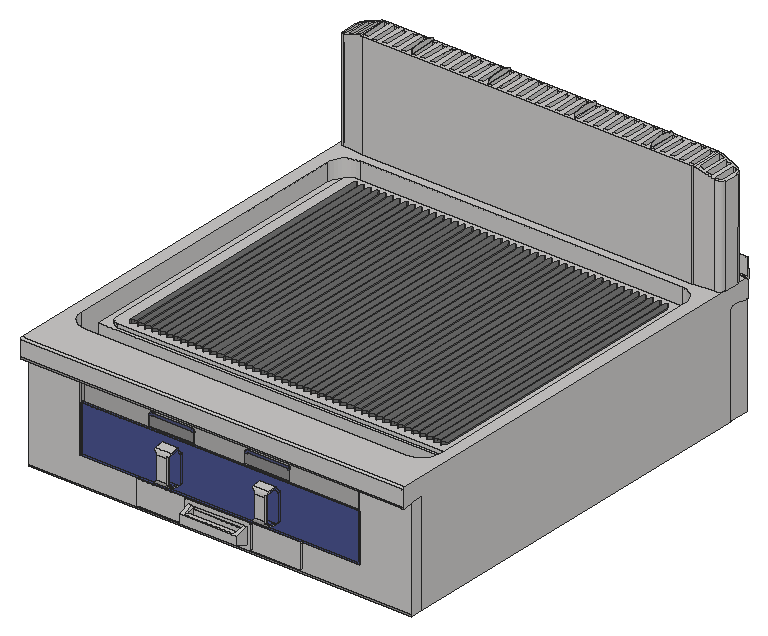
Revit family "QF_ELECTROLUXPROFESSIONAL_589103_MCHNABHOPO", category Specialty Equipment, Revit 2018 (continued)
Definition of nested family "GG_900_Backsplash for 800 fryer"
  Automatic sketch dimensions
    level to Extrusion 39 sketch curve = 1058.216 mm
    Extrusion 39 sketch curve to Extrusion 39 sketch curve = 49.354 mm
    Extrusion 39 sketch curve to Extrusion 39 sketch curve = 3.029 mm  (x2)
    Extrusion 39 sketch curve to Extrusion 39 sketch curve = 0.001 mm  (x4)
    Extrusion 39 sketch curve to Extrusion 39 sketch curve = 2.392 mm
    Extrusion 40 sketch curve to Extrusion 40 sketch curve = 0 mm  (x3)
    plane 4 to Extrusion 40 sketch curve = 152.48 mm
    Extrusion 40 sketch curve to Extrusion 40 sketch curve = 1 mm  (x2)
    Extrusion 40 sketch curve to Extrusion 40 sketch curve = 0.732 mm
    level to Extrusion 40 sketch curve = 1106.571 mm
    plane 6 to Extrusion 41 sketch curve = 26.484 mm
    Extrusion 41 sketch curve to Extrusion 41 sketch curve = 3.168 mm
    Extrusion 41 sketch curve to Extrusion 41 sketch curve = 0.003 mm
    Extrusion 41 sketch curve to Extrusion 41 sketch curve = 0.832 mm
    Extrusion 41 sketch curve to Extrusion 41 sketch curve = 11.257 mm
    Extrusion 41 sketch curve to Extrusion 41 sketch curve = 0 mm  (x2)
    Extrusion 41 sketch curve to plane 6 = 0.419 mm
    Extrusion 41 sketch curve to plane 6 = 12.894 mm
    Extrusion 41 sketch curve to Extrusion 41 sketch curve = 10.482 mm
    Extrusion 41 sketch curve to Extrusion 41 sketch curve = 0.775 mm
    Extrusion 41 sketch curve to Extrusion 41 sketch curve = 0.056 mm
    Extrusion 41 sketch curve to Extrusion 41 sketch curve = 4 mm
    level to Extrusion 41 sketch curve = 1058.216 mm
    Extrusion 41 sketch curve to Extrusion 41 sketch curve = 49.354 mm
    Extrusion 41 sketch curve to Extrusion 41 sketch curve = 3.029 mm  (x2)
    Extrusion 41 sketch curve to Extrusion 41 sketch curve = 0.001 mm  (x4)
    Extrusion 41 sketch curve to Extrusion 41 sketch curve = 2.392 mm
    Extrusion 42 sketch curve to Extrusion 42 sketch curve = 0 mm  (x3)
    Extrusion 42 sketch curve to plane 3 "Center (Left/Right)" = 87.373 mm
    Extrusion 42 sketch curve to Extrusion 42 sketch curve = 1 mm  (x2)
    Extrusion 42 sketch curve to Extrusion 42 sketch curve = 0.732 mm
    level to Extrusion 42 sketch curve = 1106.571 mm
    plane 6 to Extrusion 43 sketch curve = 26.484 mm
    Extrusion 43 sketch curve to Extrusion 43 sketch curve = 3.168 mm
    Extrusion 43 sketch curve to Extrusion 43 sketch curve = 0.003 mm
    Extrusion 43 sketch curve to Extrusion 43 sketch curve = 0.832 mm
    Extrusion 43 sketch curve to Extrusion 43 sketch curve = 11.257 mm
    Extrusion 43 sketch curve to Extrusion 43 sketch curve = 0 mm  (x2)
    Extrusion 43 sketch curve to plane 6 = 0.419 mm
    Extrusion 43 sketch curve to plane 6 = 12.894 mm
    Extrusion 43 sketch curve to Extrusion 43 sketch curve = 10.482 mm
    Extrusion 43 sketch curve to Extrusion 43 sketch curve = 0.775 mm
    Extrusion 43 sketch curve to Extrusion 43 sketch curve = 0.056 mm
    Extrusion 43 sketch curve to Extrusion 43 sketch curve = 4 mm
    level to Extrusion 43 sketch curve = 1058.216 mm
    Extrusion 43 sketch curve to Extrusion 43 sketch curve = 49.354 mm
    Extrusion 43 sketch curve to Extrusion 43 sketch curve = 3.029 mm  (x2)
    Extrusion 43 sketch curve to Extrusion 43 sketch curve = 0.001 mm  (x4)
    Extrusion 43 sketch curve to Extrusion 43 sketch curve = 2.392 mm
    Extrusion 44 sketch curve to Extrusion 44 sketch curve = 0 mm  (x3)
    Extrusion 44 sketch curve to plane 5 = 145 mm
    Extrusion 44 sketch curve to Extrusion 44 sketch curve = 1 mm  (x2)
    Extrusion 44 sketch curve to Extrusion 44 sketch curve = 0.732 mm
    level to Extrusion 44 sketch curve = 1107.571 mm
    plane 6 to Extrusion 45 sketch curve = 26.484 mm
    Extrusion 45 sketch curve to Extrusion 45 sketch curve = 3.168 mm
    Extrusion 45 sketch curve to Extrusion 45 sketch curve = 0.003 mm
    Extrusion 45 sketch curve to Extrusion 45 sketch curve = 0.832 mm
    Extrusion 45 sketch curve to Extrusion 45 sketch curve = 11.257 mm
    Extrusion 45 sketch curve to Extrusion 45 sketch curve = 0 mm  (x2)
    Extrusion 45 sketch curve to plane 6 = 0.419 mm
    Extrusion 45 sketch curve to plane 6 = 12.894 mm
    Extrusion 45 sketch curve to Extrusion 45 sketch curve = 10.482 mm
    Extrusion 45 sketch curve to Extrusion 45 sketch curve = 0.775 mm
    Extrusion 45 sketch curve to Extrusion 45 sketch curve = 0.056 mm
    Extrusion 45 sketch curve to Extrusion 45 sketch curve = 4 mm
    level to Extrusion 45 sketch curve = 1058.216 mm
    Extrusion 45 sketch curve to Extrusion 45 sketch curve = 49.354 mm
    Extrusion 45 sketch curve to Extrusion 45 sketch curve = 3.029 mm  (x2)
    Extrusion 45 sketch curve to Extrusion 45 sketch curve = 0.001 mm  (x4)
    Extrusion 45 sketch curve to Extrusion 45 sketch curve = 2.392 mm
    Extrusion 46 sketch curve to Extrusion 46 sketch curve = 0 mm  (x3)
    plane 3 "Center (Left/Right)" to Extrusion 46 sketch curve = 94.792 mm
    Extrusion 46 sketch curve to Extrusion 46 sketch curve = 1 mm  (x2)
    Extrusion 46 sketch curve to Extrusion 46 sketch curve = 0.732 mm
    level to Extrusion 46 sketch curve = 1107.571 mm
    curve 15 to plane 5 = 0 mm
    plane 6 to curve 6 = 32.954 mm
    curve 17 to plane 4 = 0 mm
    plane 4 to curve 16 = 0.886 mm
    plane 4 to curve 2 = 11.608 mm
    plane 4 to curve 7 = 11.608 mm
    curve 5 to curve 6 = 58.231 mm
    plane 1 "Center (Front/Back)" to curve 1 = 5.039 mm
    curve 3 to curve 1 = 58.231 mm
    curve 8 to plane 5 = 70.951 mm
    curve 1 to curve 6 = 0 mm
    curve 12 to plane 5 = 12.72 mm
    curve 8 to plane 5 = 12.72 mm
    curve 15 to plane 5 = 1.998 mm
    curve 14 to curve 9 = 1.998 mm
    plane 4 to curve 17 = 0.886 mm
    curve 3 to curve 3 = 11.746 mm
    curve 5 to curve 5 = 11.746 mm
    curve 11 to curve 11 = 11.746 mm
    curve 10 to curve 10 = 11.746 mm
    plane 6 to curve 7 = 27.86 mm
    plane 6 to curve 8 = 27.86 mm
    plane 6 to curve 15 = 15.407 mm
    curve 14 to plane 6 = 15.407 mm
    curve 4 to plane 6 = 15.407 mm
    plane 1 "Center (Front/Back)" to curve 2 = 10.134 mm
    plane 1 "Center (Front/Back)" to curve 12 = 10.134 mm
    plane 6 to curve 17 = 15.407 mm
Definition of nested family "GG_900_800 mm Full Grate"
  Parameters
    Length = 662 mm
    Array = Length / 15 mm  # 44
  Reference planes
    plane 1 "Center (Front/Back)": y = 0
    plane 2: z = 0
    plane 3 "Center (Left/Right)": x = 0
    plane 4: x = -355
    plane 5: x = 355
    plane 6: z = 900
    plane 7: z = 888
    plane 8: x = -331
    plane 9: x = 331
  Forms (mm)
    Extrusion 1, solid
      sketch origin (453.786, 467.26, 0) x (1, 0, 0) y (0, 1, 0)
        loop
          line (-808.786, -175.198) -> (-808.786, -760.472)
          arc (-808.786, -760.472) -> (-803.807, -772.493) -> (-791.786, -777.472) r 17
          line (-791.786, -777.472) -> (-116.936, -777.472)
          arc (-116.936, -777.472) -> (-104.102, -772.156) -> (-98.786, -759.322) r 18.15
          line (-98.786, -759.322) -> (-98.786, -175.198)
          arc (-98.786, -175.198) -> (-104.102, -162.364) -> (-116.936, -157.048) r 18.15
          line (-116.936, -157.048) -> (-790.636, -157.048)
          arc (-790.636, -157.048) -> (-803.47, -162.364) -> (-808.786, -175.198) r 18.15
      from 888 to 894.474
  Lines and regions (mm)
    symbolic lines
      curve 1: line (-331, 286.484, 0) -> (-324.5, 295.767, 0)
      curve 2: line (-324.5, 295.767, 0) -> (-318, 286.484, 0)
      curve 3: line (-318, -286.484, 0) -> (-318, 286.484, 0)
      curve 4: line (-331, 286.484, 0) -> (-331, -286.484, 0)
      curve 5: line (-324.5, -295.767, 0) -> (-331, -286.484, 0)
      curve 6: line (-318, -286.484, 0) -> (-324.5, -295.767, 0)
      curve 7: line (318, 286.484, 0) -> (324.5, 295.767, 0)
      curve 8: line (324.5, 295.767, 0) -> (331, 286.484, 0)
      curve 9: line (331, -286.484, 0) -> (331, 286.484, 0)
      curve 10: line (318, 286.484, 0) -> (318, -286.484, 0)
      curve 11: line (324.5, -295.767, 0) -> (318, -286.484, 0)
      curve 12: line (331, -286.484, 0) -> (324.5, -295.767, 0)
      curve 13: line (-315.907, 286.484, 0) -> (-309.407, 295.767, 0)
      curve 14: line (-309.407, 295.767, 0) -> (-302.907, 286.484, 0)
      curve 15: line (-302.907, -286.484, 0) -> (-302.907, 286.484, 0)
      curve 16: line (-315.907, 286.484, 0) -> (-315.907, -286.484, 0)
      curve 17: line (-309.407, -295.767, 0) -> (-315.907, -286.484, 0)
      curve 18: line (-302.907, -286.484, 0) -> (-309.407, -295.767, 0)
      curve 19: line (-300.814, 286.484, 0) -> (-294.314, 295.767, 0)
      curve 20: line (-294.314, 295.767, 0) -> (-287.814, 286.484, 0)
      curve 21: line (-287.814, -286.484, 0) -> (-287.814, 286.484, 0)
      curve 22: line (-300.814, 286.484, 0) -> (-300.814, -286.484, 0)
      curve 23: line (-294.314, -295.767, 0) -> (-300.814, -286.484, 0)
      curve 24: line (-287.814, -286.484, 0) -> (-294.314, -295.767, 0)
      curve 25: line (-285.721, 286.484, 0) -> (-279.221, 295.767, 0)
      curve 26: line (-279.221, 295.767, 0) -> (-272.721, 286.484, 0)
      curve 27: line (-272.721, -286.484, 0) -> (-272.721, 286.484, 0)
      curve 28: line (-285.721, 286.484, 0) -> (-285.721, -286.484, 0)
      curve 29: line (-279.221, -295.767, 0) -> (-285.721, -286.484, 0)
      curve 30: line (-272.721, -286.484, 0) -> (-279.221, -295.767, 0)
      curve 31: line (-270.628, 286.484, 0) -> (-264.128, 295.767, 0)
      curve 32: line (-264.128, 295.767, 0) -> (-257.628, 286.484, 0)
      curve 33: line (-257.628, -286.484, 0) -> (-257.628, 286.484, 0)
      curve 34: line (-270.628, 286.484, 0) -> (-270.628, -286.484, 0)
      curve 35: line (-264.128, -295.767, 0) -> (-270.628, -286.484, 0)
      curve 36: line (-257.628, -286.484, 0) -> (-264.128, -295.767, 0)
      curve 37: line (-255.535, 286.484, 0) -> (-249.035, 295.767, 0)
      curve 38: line (-249.035, 295.767, 0) -> (-242.535, 286.484, 0)
      curve 39: line (-242.535, -286.484, 0) -> (-242.535, 286.484, 0)
      curve 40: line (-255.535, 286.484, 0) -> (-255.535, -286.484, 0)
      curve 41: line (-249.035, -295.767, 0) -> (-255.535, -286.484, 0)
      curve 42: line (-242.535, -286.484, 0) -> (-249.035, -295.767, 0)
      curve 43: line (-240.442, 286.484, 0) -> (-233.942, 295.767, 0)
      curve 44: line (-233.942, 295.767, 0) -> (-227.442, 286.484, 0)
      curve 45: line (-227.442, -286.484, 0) -> (-227.442, 286.484, 0)
      curve 46: line (-240.442, 286.484, 0) -> (-240.442, -286.484, 0)
      curve 47: line (-233.942, -295.767, 0) -> (-240.442, -286.484, 0)
      curve 48: line (-227.442, -286.484, 0) -> (-233.942, -295.767, 0)
      curve 49: line (-225.349, 286.484, 0) -> (-218.849, 295.767, 0)
      curve 50: line (-218.849, 295.767, 0) -> (-212.349, 286.484, 0)
      curve 51: line (-212.349, -286.484, 0) -> (-212.349, 286.484, 0)
      curve 52: line (-225.349, 286.484, 0) -> (-225.349, -286.484, 0)
      curve 53: line (-218.849, -295.767, 0) -> (-225.349, -286.484, 0)
      curve 54: line (-212.349, -286.484, 0) -> (-218.849, -295.767, 0)
      curve 55: line (-210.256, 286.484, 0) -> (-203.756, 295.767, 0)
      curve 56: line (-203.756, 295.767, 0) -> (-197.256, 286.484, 0)
      curve 57: line (-197.256, -286.484, 0) -> (-197.256, 286.484, 0)
      curve 58: line (-210.256, 286.484, 0) -> (-210.256, -286.484, 0)
      curve 59: line (-203.756, -295.767, 0) -> (-210.256, -286.484, 0)
      curve 60: line (-197.256, -286.484, 0) -> (-203.756, -295.767, 0)
      curve 61: line (-195.163, 286.484, 0) -> (-188.663, 295.767, 0)
      curve 62: line (-188.663, 295.767, 0) -> (-182.163, 286.484, 0)
      curve 63: line (-182.163, -286.484, 0) -> (-182.163, 286.484, 0)
      curve 64: line (-195.163, 286.484, 0) -> (-195.163, -286.484, 0)
      curve 65: line (-188.663, -295.767, 0) -> (-195.163, -286.484, 0)
      curve 66: line (-182.163, -286.484, 0) -> (-188.663, -295.767, 0)
      curve 67: line (-180.07, 286.484, 0) -> (-173.57, 295.767, 0)
      curve 68: line (-173.57, 295.767, 0) -> (-167.07, 286.484, 0)
      curve 69: line (-167.07, -286.484, 0) -> (-167.07, 286.484, 0)
      curve 70: line (-180.07, 286.484, 0) -> (-180.07, -286.484, 0)
      curve 71: line (-173.57, -295.767, 0) -> (-180.07, -286.484, 0)
      curve 72: line (-167.07, -286.484, 0) -> (-173.57, -295.767, 0)
      curve 73: line (-164.977, 286.484, 0) -> (-158.477, 295.767, 0)
      curve 74: line (-158.477, 295.767, 0) -> (-151.977, 286.484, 0)
      curve 75: line (-151.977, -286.484, 0) -> (-151.977, 286.484, 0)
      curve 76: line (-164.977, 286.484, 0) -> (-164.977, -286.484, 0)
      curve 77: line (-158.477, -295.767, 0) -> (-164.977, -286.484, 0)
      curve 78: line (-151.977, -286.484, 0) -> (-158.477, -295.767, 0)
      curve 79: line (-149.884, 286.484, 0) -> (-143.384, 295.767, 0)
      curve 80: line (-143.384, 295.767, 0) -> (-136.884, 286.484, 0)
      curve 81: line (-136.884, -286.484, 0) -> (-136.884, 286.484, 0)
      curve 82: line (-149.884, 286.484, 0) -> (-149.884, -286.484, 0)
      curve 83: line (-143.384, -295.767, 0) -> (-149.884, -286.484, 0)
      curve 84: line (-136.884, -286.484, 0) -> (-143.384, -295.767, 0)
      curve 85: line (-134.791, 286.484, 0) -> (-128.291, 295.767, 0)
      curve 86: line (-128.291, 295.767, 0) -> (-121.791, 286.484, 0)
      curve 87: line (-121.791, -286.484, 0) -> (-121.791, 286.484, 0)
      curve 88: line (-134.791, 286.484, 0) -> (-134.791, -286.484, 0)
      curve 89: line (-128.291, -295.767, 0) -> (-134.791, -286.484, 0)
      curve 90: line (-121.791, -286.484, 0) -> (-128.291, -295.767, 0)
      curve 91: line (-119.698, 286.484, 0) -> (-113.198, 295.767, 0)
      curve 92: line (-113.198, 295.767, 0) -> (-106.698, 286.484, 0)
      curve 93: line (-106.698, -286.484, 0) -> (-106.698, 286.484, 0)
      curve 94: line (-119.698, 286.484, 0) -> (-119.698, -286.484, 0)
      curve 95: line (-113.198, -295.767, 0) -> (-119.698, -286.484, 0)
      curve 96: line (-106.698, -286.484, 0) -> (-113.198, -295.767, 0)
      curve 97: line (-104.605, 286.484, 0) -> (-98.105, 295.767, 0)
      curve 98: line (-98.105, 295.767, 0) -> (-91.605, 286.484, 0)
      curve 99: line (-91.605, -286.484, 0) -> (-91.605, 286.484, 0)
      curve 100: line (-104.605, 286.484, 0) -> (-104.605, -286.484, 0)
      curve 101: line (-98.105, -295.767, 0) -> (-104.605, -286.484, 0)
      curve 102: line (-91.605, -286.484, 0) -> (-98.105, -295.767, 0)
      curve 103: line (-89.512, 286.484, 0) -> (-83.012, 295.767, 0)
      curve 104: line (-83.012, 295.767, 0) -> (-76.512, 286.484, 0)
      curve 105: line (-76.512, -286.484, 0) -> (-76.512, 286.484, 0)
      curve 106: line (-89.512, 286.484, 0) -> (-89.512, -286.484, 0)
      curve 107: line (-83.012, -295.767, 0) -> (-89.512, -286.484, 0)
      curve 108: line (-76.512, -286.484, 0) -> (-83.012, -295.767, 0)
      curve 109: line (-74.419, 286.484, 0) -> (-67.919, 295.767, 0)
      curve 110: line (-67.919, 295.767, 0) -> (-61.419, 286.484, 0)
      curve 111: line (-61.419, -286.484, 0) -> (-61.419, 286.484, 0)
      curve 112: line (-74.419, 286.484, 0) -> (-74.419, -286.484, 0)
      curve 113: line (-67.919, -295.767, 0) -> (-74.419, -286.484, 0)
      curve 114: line (-61.419, -286.484, 0) -> (-67.919, -295.767, 0)
      curve 115: line (-59.326, 286.484, 0) -> (-52.826, 295.767, 0)
      curve 116: line (-52.826, 295.767, 0) -> (-46.326, 286.484, 0)
      curve 117: line (-46.326, -286.484, 0) -> (-46.326, 286.484, 0)
      curve 118: line (-59.326, 286.484, 0) -> (-59.326, -286.484, 0)
      curve 119: line (-52.826, -295.767, 0) -> (-59.326, -286.484, 0)
      curve 120: line (-46.326, -286.484, 0) -> (-52.826, -295.767, 0)
      curve 121: line (-44.233, 286.484, 0) -> (-37.733, 295.767, 0)
      curve 122: line (-37.733, 295.767, 0) -> (-31.233, 286.484, 0)
      curve 123: line (-31.233, -286.484, 0) -> (-31.233, 286.484, 0)
      curve 124: line (-44.233, 286.484, 0) -> (-44.233, -286.484, 0)
      curve 125: line (-37.733, -295.767, 0) -> (-44.233, -286.484, 0)
      curve 126: line (-31.233, -286.484, 0) -> (-37.733, -295.767, 0)
      curve 127: line (-29.14, 286.484, 0) -> (-22.64, 295.767, 0)
      curve 128: line (-22.64, 295.767, 0) -> (-16.14, 286.484, 0)
      curve 129: line (-16.14, -286.484, 0) -> (-16.14, 286.484, 0)
      curve 130: line (-29.14, 286.484, 0) -> (-29.14, -286.484, 0)
      curve 131: line (-22.64, -295.767, 0) -> (-29.14, -286.484, 0)
      curve 132: line (-16.14, -286.484, 0) -> (-22.64, -295.767, 0)
      curve 133: line (-14.047, 286.484, 0) -> (-7.547, 295.767, 0)
      curve 134: line (-7.547, 295.767, 0) -> (-1.047, 286.484, 0)
      curve 135: line (-1.047, -286.484, 0) -> (-1.047, 286.484, 0)
      curve 136: line (-14.047, 286.484, 0) -> (-14.047, -286.484, 0)
      curve 137: line (-7.547, -295.767, 0) -> (-14.047, -286.484, 0)
      curve 138: line (-1.047, -286.484, 0) -> (-7.547, -295.767, 0)
      curve 139: line (1.047, 286.484, 0) -> (7.547, 295.767, 0)
      curve 140: line (7.547, 295.767, 0) -> (14.047, 286.484, 0)
      curve 141: line (14.047, -286.484, 0) -> (14.047, 286.484, 0)
      curve 142: line (1.047, 286.484, 0) -> (1.047, -286.484, 0)
      curve 143: line (7.547, -295.767, 0) -> (1.047, -286.484, 0)
      curve 144: line (14.047, -286.484, 0) -> (7.547, -295.767, 0)
      curve 145: line (16.14, 286.484, 0) -> (22.64, 295.767, 0)
      curve 146: line (22.64, 295.767, 0) -> (29.14, 286.484, 0)
      curve 147: line (29.14, -286.484, 0) -> (29.14, 286.484, 0)
      curve 148: line (16.14, 286.484, 0) -> (16.14, -286.484, 0)
      curve 149: line (22.64, -295.767, 0) -> (16.14, -286.484, 0)
      curve 150: line (29.14, -286.484, 0) -> (22.64, -295.767, 0)
      curve 151: line (31.233, 286.484, 0) -> (37.733, 295.767, 0)
      curve 152: line (37.733, 295.767, 0) -> (44.233, 286.484, 0)
      curve 153: line (44.233, -286.484, 0) -> (44.233, 286.484, 0)
      curve 154: line (31.233, 286.484, 0) -> (31.233, -286.484, 0)
      curve 155: line (37.733, -295.767, 0) -> (31.233, -286.484, 0)
      curve 156: line (44.233, -286.484, 0) -> (37.733, -295.767, 0)
      curve 157: line (46.326, 286.484, 0) -> (52.826, 295.767, 0)
      curve 158: line (52.826, 295.767, 0) -> (59.326, 286.484, 0)
      curve 159: line (59.326, -286.484, 0) -> (59.326, 286.484, 0)
      curve 160: line (46.326, 286.484, 0) -> (46.326, -286.484, 0)
      curve 161: line (52.826, -295.767, 0) -> (46.326, -286.484, 0)
      curve 162: line (59.326, -286.484, 0) -> (52.826, -295.767, 0)
      curve 163: line (61.419, 286.484, 0) -> (67.919, 295.767, 0)
      curve 164: line (67.919, 295.767, 0) -> (74.419, 286.484, 0)
      curve 165: line (74.419, -286.484, 0) -> (74.419, 286.484, 0)
      curve 166: line (61.419, 286.484, 0) -> (61.419, -286.484, 0)
      curve 167: line (67.919, -295.767, 0) -> (61.419, -286.484, 0)
      curve 168: line (74.419, -286.484, 0) -> (67.919, -295.767, 0)
      curve 169: line (76.512, 286.484, 0) -> (83.012, 295.767, 0)
      curve 170: line (83.012, 295.767, 0) -> (89.512, 286.484, 0)
      curve 171: line (89.512, -286.484, 0) -> (89.512, 286.484, 0)
      curve 172: line (76.512, 286.484, 0) -> (76.512, -286.484, 0)
      curve 173: line (83.012, -295.767, 0) -> (76.512, -286.484, 0)
      curve 174: line (89.512, -286.484, 0) -> (83.012, -295.767, 0)
      curve 175: line (91.605, 286.484, 0) -> (98.105, 295.767, 0)
      curve 176: line (98.105, 295.767, 0) -> (104.605, 286.484, 0)
      curve 177: line (104.605, -286.484, 0) -> (104.605, 286.484, 0)
      curve 178: line (91.605, 286.484, 0) -> (91.605, -286.484, 0)
      curve 179: line (98.105, -295.767, 0) -> (91.605, -286.484, 0)
      curve 180: line (104.605, -286.484, 0) -> (98.105, -295.767, 0)
      curve 181: line (106.698, 286.484, 0) -> (113.198, 295.767, 0)
      curve 182: line (113.198, 295.767, 0) -> (119.698, 286.484, 0)
      curve 183: line (119.698, -286.484, 0) -> (119.698, 286.484, 0)
      curve 184: line (106.698, 286.484, 0) -> (106.698, -286.484, 0)
      curve 185: line (113.198, -295.767, 0) -> (106.698, -286.484, 0)
      curve 186: line (119.698, -286.484, 0) -> (113.198, -295.767, 0)
      curve 187: line (121.791, 286.484, 0) -> (128.291, 295.767, 0)
      curve 188: line (128.291, 295.767, 0) -> (134.791, 286.484, 0)
      curve 189: line (134.791, -286.484, 0) -> (134.791, 286.484, 0)
      curve 190: line (121.791, 286.484, 0) -> (121.791, -286.484, 0)
      curve 191: line (128.291, -295.767, 0) -> (121.791, -286.484, 0)
      curve 192: line (134.791, -286.484, 0) -> (128.291, -295.767, 0)
      curve 193: line (136.884, 286.484, 0) -> (143.384, 295.767, 0)
      curve 194: line (143.384, 295.767, 0) -> (149.884, 286.484, 0)
      curve 195: line (149.884, -286.484, 0) -> (149.884, 286.484, 0)
      curve 196: line (136.884, 286.484, 0) -> (136.884, -286.484, 0)
      curve 197: line (143.384, -295.767, 0) -> (136.884, -286.484, 0)
      curve 198: line (149.884, -286.484, 0) -> (143.384, -295.767, 0)
      curve 199: line (151.977, 286.484, 0) -> (158.477, 295.767, 0)
      curve 200: line (158.477, 295.767, 0) -> (164.977, 286.484, 0)
      curve 201: line (164.977, -286.484, 0) -> (164.977, 286.484, 0)
      curve 202: line (151.977, 286.484, 0) -> (151.977, -286.484, 0)
      curve 203: line (158.477, -295.767, 0) -> (151.977, -286.484, 0)
      curve 204: line (164.977, -286.484, 0) -> (158.477, -295.767, 0)
      curve 205: line (167.07, 286.484, 0) -> (173.57, 295.767, 0)
      curve 206: line (173.57, 295.767, 0) -> (180.07, 286.484, 0)
      curve 207: line (180.07, -286.484, 0) -> (180.07, 286.484, 0)
      curve 208: line (167.07, 286.484, 0) -> (167.07, -286.484, 0)
      curve 209: line (173.57, -295.767, 0) -> (167.07, -286.484, 0)
      curve 210: line (180.07, -286.484, 0) -> (173.57, -295.767, 0)
      curve 211: line (182.163, 286.484, 0) -> (188.663, 295.767, 0)
      curve 212: line (188.663, 295.767, 0) -> (195.163, 286.484, 0)
      curve 213: line (195.163, -286.484, 0) -> (195.163, 286.484, 0)
      curve 214: line (182.163, 286.484, 0) -> (182.163, -286.484, 0)
      curve 215: line (188.663, -295.767, 0) -> (182.163, -286.484, 0)
      curve 216: line (195.163, -286.484, 0) -> (188.663, -295.767, 0)
      curve 217: line (197.256, 286.484, 0) -> (203.756, 295.767, 0)
      curve 218: line (203.756, 295.767, 0) -> (210.256, 286.484, 0)
      curve 219: line (210.256, -286.484, 0) -> (210.256, 286.484, 0)
      curve 220: line (197.256, 286.484, 0) -> (197.256, -286.484, 0)
      curve 221: line (203.756, -295.767, 0) -> (197.256, -286.484, 0)
      curve 222: line (210.256, -286.484, 0) -> (203.756, -295.767, 0)
      curve 223: line (212.349, 286.484, 0) -> (218.849, 295.767, 0)
      curve 224: line (218.849, 295.767, 0) -> (225.349, 286.484, 0)
      curve 225: line (225.349, -286.484, 0) -> (225.349, 286.484, 0)
      curve 226: line (212.349, 286.484, 0) -> (212.349, -286.484, 0)
      curve 227: line (218.849, -295.767, 0) -> (212.349, -286.484, 0)
      curve 228: line (225.349, -286.484, 0) -> (218.849, -295.767, 0)
      curve 229: line (227.442, 286.484, 0) -> (233.942, 295.767, 0)
      curve 230: line (233.942, 295.767, 0) -> (240.442, 286.484, 0)
      curve 231: line (240.442, -286.484, 0) -> (240.442, 286.484, 0)
      curve 232: line (227.442, 286.484, 0) -> (227.442, -286.484, 0)
      curve 233: line (233.942, -295.767, 0) -> (227.442, -286.484, 0)
      curve 234: line (240.442, -286.484, 0) -> (233.942, -295.767, 0)
      curve 235: line (242.535, 286.484, 0) -> (249.035, 295.767, 0)
      curve 236: line (249.035, 295.767, 0) -> (255.535, 286.484, 0)
      curve 237: line (255.535, -286.484, 0) -> (255.535, 286.484, 0)
      curve 238: line (242.535, 286.484, 0) -> (242.535, -286.484, 0)
      curve 239: line (249.035, -295.767, 0) -> (242.535, -286.484, 0)
      curve 240: line (255.535, -286.484, 0) -> (249.035, -295.767, 0)
      curve 241: line (257.628, 286.484, 0) -> (264.128, 295.767, 0)
      curve 242: line (264.128, 295.767, 0) -> (270.628, 286.484, 0)
      curve 243: line (270.628, -286.484, 0) -> (270.628, 286.484, 0)
      curve 244: line (257.628, 286.484, 0) -> (257.628, -286.484, 0)
      curve 245: line (264.128, -295.767, 0) -> (257.628, -286.484, 0)
      curve 246: line (270.628, -286.484, 0) -> (264.128, -295.767, 0)
      curve 247: line (272.721, 286.484, 0) -> (279.221, 295.767, 0)
      curve 248: line (279.221, 295.767, 0) -> (285.721, 286.484, 0)
      curve 249: line (285.721, -286.484, 0) -> (285.721, 286.484, 0)
      curve 250: line (272.721, 286.484, 0) -> (272.721, -286.484, 0)
      curve 251: line (279.221, -295.767, 0) -> (272.721, -286.484, 0)
      curve 252: line (285.721, -286.484, 0) -> (279.221, -295.767, 0)
      curve 253: line (287.814, 286.484, 0) -> (294.314, 295.767, 0)
      curve 254: line (294.314, 295.767, 0) -> (300.814, 286.484, 0)
      curve 255: line (300.814, -286.484, 0) -> (300.814, 286.484, 0)
      curve 256: line (287.814, 286.484, 0) -> (287.814, -286.484, 0)
      curve 257: line (294.314, -295.767, 0) -> (287.814, -286.484, 0)
      curve 258: line (300.814, -286.484, 0) -> (294.314, -295.767, 0)
      curve 259: line (302.907, 286.484, 0) -> (309.407, 295.767, 0)
      curve 260: line (309.407, 295.767, 0) -> (315.907, 286.484, 0)
      curve 261: line (315.907, -286.484, 0) -> (315.907, 286.484, 0)
      curve 262: line (302.907, 286.484, 0) -> (302.907, -286.484, 0)
      curve 263: line (309.407, -295.767, 0) -> (302.907, -286.484, 0)
      curve 264: line (315.907, -286.484, 0) -> (309.407, -295.767, 0)
      curve 265: line (336.85, 310.212, 0) -> (-336.85, 310.212, 0)
      curve 266: arc (-336.85, 310.212, 0) -> (-349.684, 304.896, 0) -> (-355, 292.062, 0) r 18.15
      curve 267: line (-355, 292.062, 0) -> (-355, -293.212, 0)
      curve 268: arc (-355, -293.212, 0) -> (-350.021, -305.233, 0) -> (-338, -310.212, 0) r 17
      curve 269: line (-338, -310.212, 0) -> (336.85, -310.212, 0)
      curve 270: arc (336.85, -310.212, 0) -> (349.684, -304.896, 0) -> (355, -292.062, 0) r 18.15
      curve 271: line (355, -292.062, 0) -> (355, 292.062, 0)
      curve 272: arc (355, 292.062, 0) -> (349.684, 304.896, 0) -> (336.85, 310.212, 0) r 18.15
  Dimensions and locks
    plane 6 to level = 900 mm
    plane 6 to plane 7 = 12 mm
    locked: plane 9 to plane 5 at 24
    "Length": plane 8 to plane 9
    equal spacing: group 1, group 3, group 4, group 5, group 6, group 7, group 8, group 9, group 10, group 11, group 12, group 13, group 14, group 15, group 16, group 17, group 18, group 19, group 20, group 21, group 22, group 23, group 24, group 25, group 26, group 27, group 28, group 29, group 30, group 31, group 32, group 33, group 34, group 35, group 36, group 37, group 38, group 39, group 40, group 41, group 42, group 43, group 44, group 2  (x3)
    plane 4 to plane 5 = 710 mm
    plane 4 to plane 8 = 24 mm
    aligned and locked: plane 6 to nested 1
    aligned and locked: Extrusion 1 to nested 1
    aligned and locked: Extrusion 1 to plane 7
    aligned and locked: plane 8 to nested 1
    aligned and locked: plane 9 to nested 2
    aligned and locked: curve 266 to Extrusion 1
    aligned and locked: curve 270 to Extrusion 1
    aligned and locked: curve 272 to Extrusion 1
  Automatic sketch dimensions
    Extrusion 1 sketch curve to plane 4 = 0 mm
    Extrusion 1 sketch curve to plane 5 = 0 mm
    Extrusion 1 sketch curve to plane 8 = 7 mm
    Extrusion 1 sketch curve to plane 8 = 5.85 mm
    plane 9 to Extrusion 1 sketch curve = 5.85 mm  (x2)
    plane 1 "Center (Front/Back)" to Extrusion 1 sketch curve = 310.212 mm
    Extrusion 1 sketch curve to plane 1 "Center (Front/Back)" = 292.062 mm
    curve 1 to curve 1 = 6.5 mm
    curve 4 to curve 5 = 6.5 mm
    curve 2 to curve 2 = 6.5 mm
    curve 6 to curve 3 = 9.283 mm
    curve 5 to curve 4 = 9.283 mm
    curve 4 to curve 4 = 572.969 mm
    curve 1 to curve 3 = 0 mm
    curve 1 to curve 1 = 9.283 mm
    curve 7 to curve 7 = 6.5 mm
    curve 10 to curve 11 = 6.5 mm
    curve 8 to curve 8 = 6.5 mm
    curve 12 to curve 9 = 9.283 mm
    curve 11 to curve 10 = 9.283 mm
    curve 10 to curve 10 = 572.969 mm
    curve 7 to curve 9 = 0 mm
    curve 7 to curve 7 = 9.283 mm
    curve 13 to curve 13 = 6.5 mm
    curve 16 to curve 17 = 6.5 mm
    curve 14 to curve 14 = 6.5 mm
    curve 18 to curve 15 = 9.283 mm
    curve 17 to curve 16 = 9.283 mm
    curve 16 to curve 16 = 572.969 mm
    curve 13 to curve 15 = 0 mm
    curve 13 to curve 13 = 9.283 mm
    curve 19 to curve 19 = 6.5 mm
    curve 22 to curve 23 = 6.5 mm
    curve 20 to curve 20 = 6.5 mm
    curve 24 to curve 21 = 9.283 mm
    curve 23 to curve 22 = 9.283 mm
    curve 22 to curve 22 = 572.969 mm
    curve 19 to curve 21 = 0 mm
    curve 19 to curve 19 = 9.283 mm
    curve 25 to curve 25 = 6.5 mm
    curve 28 to curve 29 = 6.5 mm
    curve 26 to curve 26 = 6.5 mm
    curve 30 to curve 27 = 9.283 mm
    curve 29 to curve 28 = 9.283 mm
    curve 28 to curve 28 = 572.969 mm
    curve 25 to curve 27 = 0 mm
    curve 25 to curve 25 = 9.283 mm
    curve 31 to curve 31 = 6.5 mm
    curve 34 to curve 35 = 6.5 mm
    curve 32 to curve 32 = 6.5 mm
    curve 36 to curve 33 = 9.283 mm
    curve 35 to curve 34 = 9.283 mm
    curve 34 to curve 34 = 572.969 mm
    curve 31 to curve 33 = 0 mm
    curve 31 to curve 31 = 9.283 mm
    curve 37 to curve 37 = 6.5 mm
    curve 40 to curve 41 = 6.5 mm
    curve 38 to curve 38 = 6.5 mm
    curve 42 to curve 39 = 9.283 mm
    curve 41 to curve 40 = 9.283 mm
    curve 40 to curve 40 = 572.969 mm
    curve 37 to curve 39 = 0 mm
    curve 37 to curve 37 = 9.283 mm
    curve 43 to curve 43 = 6.5 mm
    curve 46 to curve 47 = 6.5 mm
    curve 44 to curve 44 = 6.5 mm
    curve 48 to curve 45 = 9.283 mm
    curve 47 to curve 46 = 9.283 mm
    curve 46 to curve 46 = 572.969 mm
    curve 43 to curve 45 = 0 mm
    curve 43 to curve 43 = 9.283 mm
    curve 49 to curve 49 = 6.5 mm
    curve 52 to curve 53 = 6.5 mm
    curve 50 to curve 50 = 6.5 mm
    curve 54 to curve 51 = 9.283 mm
    curve 53 to curve 52 = 9.283 mm
    curve 52 to curve 52 = 572.969 mm
    curve 49 to curve 51 = 0 mm
    curve 49 to curve 49 = 9.283 mm
    curve 55 to curve 55 = 6.5 mm
    curve 58 to curve 59 = 6.5 mm
    curve 56 to curve 56 = 6.5 mm
    curve 60 to curve 57 = 9.283 mm
    curve 59 to curve 58 = 9.283 mm
    curve 58 to curve 58 = 572.969 mm
    curve 55 to curve 57 = 0 mm
    curve 55 to curve 55 = 9.283 mm
    curve 61 to curve 61 = 6.5 mm
    curve 64 to curve 65 = 6.5 mm
    curve 62 to curve 62 = 6.5 mm
    curve 66 to curve 63 = 9.283 mm
    curve 65 to curve 64 = 9.283 mm
    curve 64 to curve 64 = 572.969 mm
    curve 61 to curve 63 = 0 mm
    curve 61 to curve 61 = 9.283 mm
    curve 67 to curve 67 = 6.5 mm
    curve 70 to curve 71 = 6.5 mm
    curve 68 to curve 68 = 6.5 mm
    curve 72 to curve 69 = 9.283 mm
    curve 71 to curve 70 = 9.283 mm
    curve 70 to curve 70 = 572.969 mm
    curve 67 to curve 69 = 0 mm
    curve 67 to curve 67 = 9.283 mm
    curve 73 to curve 73 = 6.5 mm
    curve 76 to curve 77 = 6.5 mm
    curve 74 to curve 74 = 6.5 mm
    curve 78 to curve 75 = 9.283 mm
    curve 77 to curve 76 = 9.283 mm
    curve 76 to curve 76 = 572.969 mm
    curve 73 to curve 75 = 0 mm
    curve 73 to curve 73 = 9.283 mm
    curve 79 to curve 79 = 6.5 mm
    curve 82 to curve 83 = 6.5 mm
    curve 80 to curve 80 = 6.5 mm
    curve 84 to curve 81 = 9.283 mm
    curve 83 to curve 82 = 9.283 mm
    curve 82 to curve 82 = 572.969 mm
    curve 79 to curve 81 = 0 mm
    curve 79 to curve 79 = 9.283 mm
    curve 85 to curve 85 = 6.5 mm
    curve 88 to curve 89 = 6.5 mm
    curve 86 to curve 86 = 6.5 mm
    curve 90 to curve 87 = 9.283 mm
    curve 89 to curve 88 = 9.283 mm
    curve 88 to curve 88 = 572.969 mm
    curve 85 to curve 87 = 0 mm
    curve 85 to curve 85 = 9.283 mm
    curve 91 to curve 91 = 6.5 mm
    curve 94 to curve 95 = 6.5 mm
    curve 92 to curve 92 = 6.5 mm
    curve 96 to curve 93 = 9.283 mm
    curve 95 to curve 94 = 9.283 mm
    curve 94 to curve 94 = 572.969 mm
    curve 91 to curve 93 = 0 mm
    curve 91 to curve 91 = 9.283 mm
    curve 97 to curve 97 = 6.5 mm
    curve 100 to curve 101 = 6.5 mm
    curve 98 to curve 98 = 6.5 mm
    curve 102 to curve 99 = 9.283 mm
    curve 101 to curve 100 = 9.283 mm
    curve 100 to curve 100 = 572.969 mm
    curve 97 to curve 99 = 0 mm
    curve 97 to curve 97 = 9.283 mm
    curve 103 to curve 103 = 6.5 mm
    curve 106 to curve 107 = 6.5 mm
    curve 104 to curve 104 = 6.5 mm
    curve 108 to curve 105 = 9.283 mm
    curve 107 to curve 106 = 9.283 mm
    curve 106 to curve 106 = 572.969 mm
    curve 103 to curve 105 = 0 mm
    curve 103 to curve 103 = 9.283 mm
    curve 109 to curve 109 = 6.5 mm
    curve 112 to curve 113 = 6.5 mm
    curve 110 to curve 110 = 6.5 mm
    curve 114 to curve 111 = 9.283 mm
    curve 113 to curve 112 = 9.283 mm
    curve 112 to curve 112 = 572.969 mm
    curve 109 to curve 111 = 0 mm
    curve 109 to curve 109 = 9.283 mm
    curve 115 to curve 115 = 6.5 mm
    curve 118 to curve 119 = 6.5 mm
    curve 116 to curve 116 = 6.5 mm
    curve 120 to curve 117 = 9.283 mm
    curve 119 to curve 118 = 9.283 mm
    curve 118 to curve 118 = 572.969 mm
    curve 115 to curve 117 = 0 mm
    curve 115 to curve 115 = 9.283 mm
    curve 121 to curve 121 = 6.5 mm
    curve 124 to curve 125 = 6.5 mm
    curve 122 to curve 122 = 6.5 mm
    curve 126 to curve 123 = 9.283 mm
    curve 125 to curve 124 = 9.283 mm
    curve 124 to curve 124 = 572.969 mm
    curve 121 to curve 123 = 0 mm
    curve 121 to curve 121 = 9.283 mm
    curve 127 to curve 127 = 6.5 mm
    curve 130 to curve 131 = 6.5 mm
    curve 128 to curve 128 = 6.5 mm
    curve 132 to curve 129 = 9.283 mm
    curve 131 to curve 130 = 9.283 mm
    curve 130 to curve 130 = 572.969 mm
    curve 127 to curve 129 = 0 mm
    curve 127 to curve 127 = 9.283 mm
    curve 133 to curve 133 = 6.5 mm
    curve 136 to curve 137 = 6.5 mm
    curve 134 to curve 134 = 6.5 mm
    curve 138 to curve 135 = 9.283 mm
    curve 137 to curve 136 = 9.283 mm
    curve 136 to curve 136 = 572.969 mm
    curve 133 to curve 135 = 0 mm
    curve 133 to curve 133 = 9.283 mm
    curve 139 to curve 139 = 6.5 mm
    curve 142 to curve 143 = 6.5 mm
    curve 140 to curve 140 = 6.5 mm
    curve 144 to curve 141 = 9.283 mm
    curve 143 to curve 142 = 9.283 mm
    curve 142 to curve 142 = 572.969 mm
    curve 139 to curve 141 = 0 mm
    curve 139 to curve 139 = 9.283 mm
    curve 145 to curve 145 = 6.5 mm
    curve 148 to curve 149 = 6.5 mm
    curve 146 to curve 146 = 6.5 mm
    curve 150 to curve 147 = 9.283 mm
    curve 149 to curve 148 = 9.283 mm
    curve 148 to curve 148 = 572.969 mm
    curve 145 to curve 147 = 0 mm
    curve 145 to curve 145 = 9.283 mm
    curve 151 to curve 151 = 6.5 mm
    curve 154 to curve 155 = 6.5 mm
    curve 152 to curve 152 = 6.5 mm
    curve 156 to curve 153 = 9.283 mm
    curve 155 to curve 154 = 9.283 mm
    curve 154 to curve 154 = 572.969 mm
    curve 151 to curve 153 = 0 mm
    curve 151 to curve 151 = 9.283 mm
    curve 157 to curve 157 = 6.5 mm
    curve 160 to curve 161 = 6.5 mm
    curve 158 to curve 158 = 6.5 mm
    curve 162 to curve 159 = 9.283 mm
    curve 161 to curve 160 = 9.283 mm
    curve 160 to curve 160 = 572.969 mm
    curve 157 to curve 159 = 0 mm
    curve 157 to curve 157 = 9.283 mm
    curve 163 to curve 163 = 6.5 mm
    curve 166 to curve 167 = 6.5 mm
    curve 164 to curve 164 = 6.5 mm
    curve 168 to curve 165 = 9.283 mm
    curve 167 to curve 166 = 9.283 mm
    curve 166 to curve 166 = 572.969 mm
    curve 163 to curve 165 = 0 mm
    curve 163 to curve 163 = 9.283 mm
    curve 169 to curve 169 = 6.5 mm
    curve 172 to curve 173 = 6.5 mm
    curve 170 to curve 170 = 6.5 mm
    curve 174 to curve 171 = 9.283 mm
    curve 173 to curve 172 = 9.283 mm
    curve 172 to curve 172 = 572.969 mm
    curve 169 to curve 171 = 0 mm
    curve 169 to curve 169 = 9.283 mm
    curve 175 to curve 175 = 6.5 mm
    curve 178 to curve 179 = 6.5 mm
    curve 176 to curve 176 = 6.5 mm
    curve 180 to curve 177 = 9.283 mm
    curve 179 to curve 178 = 9.283 mm
    curve 178 to curve 178 = 572.969 mm
    curve 175 to curve 177 = 0 mm
    curve 175 to curve 175 = 9.283 mm
    curve 181 to curve 181 = 6.5 mm
    curve 184 to curve 185 = 6.5 mm
    curve 182 to curve 182 = 6.5 mm
    curve 186 to curve 183 = 9.283 mm
    curve 185 to curve 184 = 9.283 mm
    curve 184 to curve 184 = 572.969 mm
    curve 181 to curve 183 = 0 mm
    curve 181 to curve 181 = 9.283 mm
    curve 187 to curve 187 = 6.5 mm
    curve 190 to curve 191 = 6.5 mm
    curve 188 to curve 188 = 6.5 mm
    curve 192 to curve 189 = 9.283 mm
    curve 191 to curve 190 = 9.283 mm
    curve 190 to curve 190 = 572.969 mm
    curve 187 to curve 189 = 0 mm
    curve 187 to curve 187 = 9.283 mm
    curve 193 to curve 193 = 6.5 mm
    curve 196 to curve 197 = 6.5 mm
    curve 194 to curve 194 = 6.5 mm
    curve 198 to curve 195 = 9.283 mm
    curve 197 to curve 196 = 9.283 mm
    curve 196 to curve 196 = 572.969 mm
    curve 193 to curve 195 = 0 mm
    curve 193 to curve 193 = 9.283 mm
    curve 199 to curve 199 = 6.5 mm
    curve 202 to curve 203 = 6.5 mm
    curve 200 to curve 200 = 6.5 mm
    curve 204 to curve 201 = 9.283 mm
    curve 203 to curve 202 = 9.283 mm
    curve 202 to curve 202 = 572.969 mm
    curve 199 to curve 201 = 0 mm
    curve 199 to curve 199 = 9.283 mm
    curve 205 to curve 205 = 6.5 mm
    curve 208 to curve 209 = 6.5 mm
    curve 206 to curve 206 = 6.5 mm
    curve 210 to curve 207 = 9.283 mm
    curve 209 to curve 208 = 9.283 mm
    curve 208 to curve 208 = 572.969 mm
    curve 205 to curve 207 = 0 mm
    curve 205 to curve 205 = 9.283 mm
    curve 211 to curve 211 = 6.5 mm
    curve 214 to curve 215 = 6.5 mm
    curve 212 to curve 212 = 6.5 mm
    curve 216 to curve 213 = 9.283 mm
    curve 215 to curve 214 = 9.283 mm
    curve 214 to curve 214 = 572.969 mm
    curve 211 to curve 213 = 0 mm
    curve 211 to curve 211 = 9.283 mm
    curve 217 to curve 217 = 6.5 mm
    curve 220 to curve 221 = 6.5 mm
    curve 218 to curve 218 = 6.5 mm
    curve 222 to curve 219 = 9.283 mm
    curve 221 to curve 220 = 9.283 mm
    curve 220 to curve 220 = 572.969 mm
    curve 217 to curve 219 = 0 mm
    curve 217 to curve 217 = 9.283 mm
    curve 223 to curve 223 = 6.5 mm
    curve 226 to curve 227 = 6.5 mm
    curve 224 to curve 224 = 6.5 mm
    curve 228 to curve 225 = 9.283 mm
    curve 227 to curve 226 = 9.283 mm
    curve 226 to curve 226 = 572.969 mm
    curve 223 to curve 225 = 0 mm
    curve 223 to curve 223 = 9.283 mm
    curve 229 to curve 229 = 6.5 mm
    curve 232 to curve 233 = 6.5 mm
    curve 230 to curve 230 = 6.5 mm
    curve 234 to curve 231 = 9.283 mm
    curve 233 to curve 232 = 9.283 mm
    curve 232 to curve 232 = 572.969 mm
    curve 229 to curve 231 = 0 mm
    curve 229 to curve 229 = 9.283 mm
    curve 235 to curve 235 = 6.5 mm
    curve 238 to curve 239 = 6.5 mm
    curve 236 to curve 236 = 6.5 mm
    curve 240 to curve 237 = 9.283 mm
    curve 239 to curve 238 = 9.283 mm
    curve 238 to curve 238 = 572.969 mm
    curve 235 to curve 237 = 0 mm
    curve 235 to curve 235 = 9.283 mm
    curve 241 to curve 241 = 6.5 mm
    curve 244 to curve 245 = 6.5 mm
    curve 242 to curve 242 = 6.5 mm
    curve 246 to curve 243 = 9.283 mm
    curve 245 to curve 244 = 9.283 mm
    curve 244 to curve 244 = 572.969 mm
    curve 241 to curve 243 = 0 mm
    curve 241 to curve 241 = 9.283 mm
    curve 247 to curve 247 = 6.5 mm
    curve 250 to curve 251 = 6.5 mm
    curve 248 to curve 248 = 6.5 mm
    curve 252 to curve 249 = 9.283 mm
    curve 251 to curve 250 = 9.283 mm
    curve 250 to curve 250 = 572.969 mm
    curve 247 to curve 249 = 0 mm
    curve 247 to curve 247 = 9.283 mm
    curve 253 to curve 253 = 6.5 mm
    curve 256 to curve 257 = 6.5 mm
    curve 254 to curve 254 = 6.5 mm
    curve 258 to curve 255 = 9.283 mm
    curve 257 to curve 256 = 9.283 mm
    curve 256 to curve 256 = 572.969 mm
    curve 253 to curve 255 = 0 mm
    curve 253 to curve 253 = 9.283 mm
    curve 259 to curve 259 = 6.5 mm
    curve 262 to curve 263 = 6.5 mm
    curve 260 to curve 260 = 6.5 mm
    curve 264 to curve 261 = 9.283 mm
    curve 263 to curve 262 = 9.283 mm
    curve 262 to curve 262 = 572.969 mm
    curve 259 to curve 261 = 0 mm
    curve 259 to curve 259 = 9.283 mm
    curve 268 to plane 8 = 7 mm
  Nested families
    nested 1: "Grate for Griddle" at (-324.5, 0, 11.99), type "Grate for Griddle"
    nested 2: "Grate for Griddle" at (324.5, 0, 11.99), type "Grate for Griddle"
    nested 3: "Grate for Griddle" at (-309.407, 0, 11.99), type "Grate for Griddle"
    nested 4: "Grate for Griddle" at (-294.314, 0, 11.99), type "Grate for Griddle"
    nested 5: "Grate for Griddle" at (-279.221, 0, 11.99), type "Grate for Griddle"
    nested 6: "Grate for Griddle" at (-264.128, 0, 11.99), type "Grate for Griddle"
    nested 7: "Grate for Griddle" at (-249.035, 0, 11.99), type "Grate for Griddle"
    nested 8: "Grate for Griddle" at (-233.942, 0, 11.99), type "Grate for Griddle"
    nested 9: "Grate for Griddle" at (-218.849, 0, 11.99), type "Grate for Griddle"
    nested 10: "Grate for Griddle" at (-203.756, 0, 11.99), type "Grate for Griddle"
    nested 11: "Grate for Griddle" at (-188.663, 0, 11.99), type "Grate for Griddle"
    nested 12: "Grate for Griddle" at (-173.57, 0, 11.99), type "Grate for Griddle"
    nested 13: "Grate for Griddle" at (-158.477, 0, 11.99), type "Grate for Griddle"
    nested 14: "Grate for Griddle" at (-143.384, 0, 11.99), type "Grate for Griddle"
    nested 15: "Grate for Griddle" at (-128.291, 0, 11.99), type "Grate for Griddle"
    nested 16: "Grate for Griddle" at (-113.198, 0, 11.99), type "Grate for Griddle"
    nested 17: "Grate for Griddle" at (-98.105, 0, 11.99), type "Grate for Griddle"
    nested 18: "Grate for Griddle" at (-83.012, 0, 11.99), type "Grate for Griddle"
    nested 19: "Grate for Griddle" at (-67.919, 0, 11.99), type "Grate for Griddle"
    nested 20: "Grate for Griddle" at (-52.826, 0, 11.99), type "Grate for Griddle"
    nested 21: "Grate for Griddle" at (-37.733, 0, 11.99), type "Grate for Griddle"
    nested 22: "Grate for Griddle" at (-22.64, 0, 11.99), type "Grate for Griddle"
    nested 23: "Grate for Griddle" at (-7.547, 0, 11.99), type "Grate for Griddle"
    nested 24: "Grate for Griddle" at (7.547, 0, 11.99), type "Grate for Griddle"
    nested 25: "Grate for Griddle" at (22.64, 0, 11.99), type "Grate for Griddle"
    nested 26: "Grate for Griddle" at (37.733, 0, 11.99), type "Grate for Griddle"
    nested 27: "Grate for Griddle" at (52.826, 0, 11.99), type "Grate for Griddle"
    nested 28: "Grate for Griddle" at (67.919, 0, 11.99), type "Grate for Griddle"
    nested 29: "Grate for Griddle" at (83.012, 0, 11.99), type "Grate for Griddle"
    nested 30: "Grate for Griddle" at (98.105, 0, 11.99), type "Grate for Griddle"
    nested 31: "Grate for Griddle" at (113.198, 0, 11.99), type "Grate for Griddle"
    nested 32: "Grate for Griddle" at (128.291, 0, 11.99), type "Grate for Griddle"
    nested 33: "Grate for Griddle" at (143.384, 0, 11.99), type "Grate for Griddle"
    nested 34: "Grate for Griddle" at (158.477, 0, 11.99), type "Grate for Griddle"
    nested 35: "Grate for Griddle" at (173.57, 0, 11.99), type "Grate for Griddle"
    nested 36: "Grate for Griddle" at (188.663, 0, 11.99), type "Grate for Griddle"
    nested 37: "Grate for Griddle" at (203.756, 0, 11.99), type "Grate for Griddle"
    nested 38: "Grate for Griddle" at (218.849, 0, 11.99), type "Grate for Griddle"
    nested 39: "Grate for Griddle" at (233.942, 0, 11.99), type "Grate for Griddle"
    nested 40: "Grate for Griddle" at (249.035, 0, 11.99), type "Grate for Griddle"
    nested 41: "Grate for Griddle" at (264.128, 0, 11.99), type "Grate for Griddle"
    nested 42: "Grate for Griddle" at (279.221, 0, 11.99), type "Grate for Griddle"
    nested 43: "Grate for Griddle" at (294.314, 0, 11.99), type "Grate for Griddle"
    nested 44: "Grate for Griddle" at (309.407, 0, 11.99), type "Grate for Griddle"
  Definition of nested family "Grate for Griddle"
    Reference planes
      plane 1 "Center (Front/Back)": y = 0
      plane 2: z = 0
      plane 3 "Center (Left/Right)": x = 0
      plane 4: x = -5.214
      plane 5: x = 7.786
      plane 6: y = 294
      plane 7: y = -294
    Forms (mm)
      Extrusion 1, solid
        sketch origin (1322.686, 294, -6.066) x (1, 0, 0) y (0, 0, 1)
          loop
            line (-1316.186, 888.55) -> (-1316.186, 890.55)
            arc (-1316.186, 890.55) -> (-1322.686, 894.177) -> (-1329.186, 890.55) r 7.638
            line (-1329.186, 890.55) -> (-1329.186, 888.55) -> (-1316.186, 888.55)
        from 0 to 588
      Extrusion 2, void
        sketch origin (0, 0, 0) x (1, 0, 0) y (0, 1, 0)
          loop
            line (-1.237, 294) -> (-6.5, 294) -> (-6.5, 286.484) -> (-1.237, 294)
          loop
            line (1.237, 294) -> (6.5, 286.484) -> (6.5, 294) -> (1.237, 294)
          loop
            line (-1.237, -294) -> (-6.5, -286.484) -> (-6.5, -294) -> (-1.237, -294)
          loop
            line (1.237, -294) -> (6.5, -294) -> (6.5, -286.484) -> (1.237, -294)
        from 878.991 to 892.372
    Cuts and joins
      Extrusion 2 cuts Extrusion 1
    Lines and regions (mm)
      symbolic lines
        curve 1: line (6.5, -286.484, 0) -> (6.5, 286.484, 0)
        curve 2: line (6.5, -286.484, 0) -> (1.237, -294, 0)
        curve 3: line (-1.237, -294, 0) -> (-6.5, -286.484, 0)
        curve 4: line (-6.5, 286.484, 0) -> (-6.5, -286.484, 0)
        curve 5: line (-6.5, 286.484, 0) -> (-1.237, 294, 0)
        curve 6: line (1.237, 294, 0) -> (6.5, 286.484, 0)
    Dimensions and locks
      plane 6 to plane 7 = 588 mm
      aligned and locked: Extrusion 1 to plane 7
      aligned and locked: plane 6 to Extrusion 1
      aligned and locked: curve 1 to cut or joined group of Extrusion 1, Extrusion 2
      aligned and locked: curve 2 to cut or joined group of Extrusion 1, Extrusion 2
      aligned and locked: curve 3 to cut or joined group of Extrusion 1, Extrusion 2
      aligned and locked: curve 4 to cut or joined group of Extrusion 1, Extrusion 2
      aligned and locked: curve 5 to cut or joined group of Extrusion 1, Extrusion 2
      aligned and locked: curve 6 to cut or joined group of Extrusion 1, Extrusion 2
